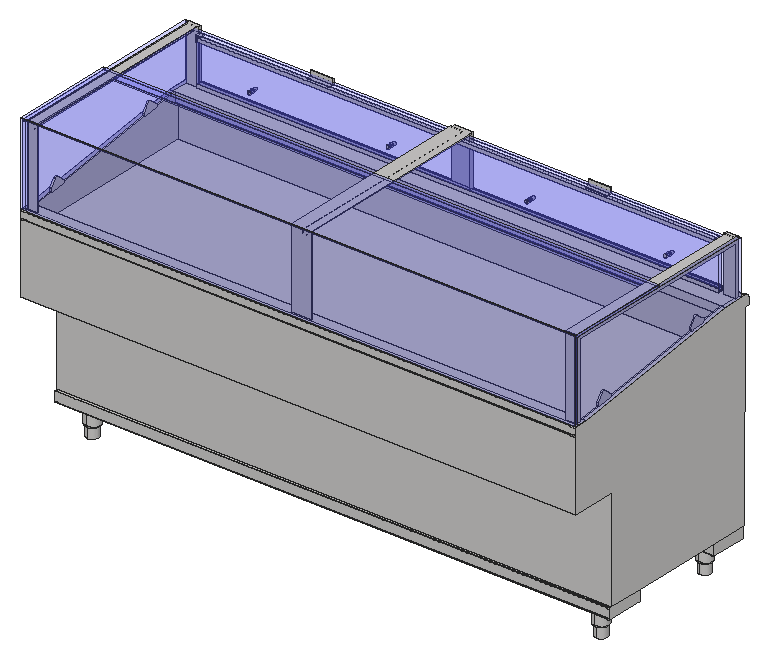
Revit family "Food-Service-Equipment_Oscartek_Rdpc2106_Standard_cat", category Specialty Equipment, Revit 2026 (continued)
Nested families (in)
  nested 1: "QF_Oscartek_RHCBM2000" at (19.37302, -8.33366, -0.60451), Watts <- "Watts", Volts <- "Volts", Phase <- "Phase", Number of Poles <- "Number of Poles", Min Ckt Ampacity <- "Min Ckt Ampacity", Max Overcurrent Protection <- "Max Overcurrent Protection", HP <- "HP", FL Amps <- "FL Amps", Electrical Remarks <- "Electrical Remarks", Electric Connection Type <- "Electric Connection Type", Elec Conn RI Height <- "Elec Conn RI Height", Cycle <- "Cycle", Conn Plug <- "Conn Plug", Conn Conduit <- "Conn Conduit", Apparent Power <- "Apparent Power", type "QF_Oscartek_RHCBM2000"
    with Watts 885 W, Volts 230 V, Type Mark "", Status "", Specification by User "", Revision Code "", Phase 1, Number of Poles 1, Min Ckt Ampacity 0 A, Max Overcurrent Protection 0 A, Item Number "", Installed By "", Identify Quantity as Lot yes, HP "", Furnished By "", Foodservice Equipment Identifier yes, FL Amps 4.5 A, Electrical Remarks "", Electric Connection Type "", Elec Conn RI Height 0", Elec Conn Connection Height 0", Cycle 50 Hz, Conn Plug "", Conn Conduit yes, Apparent Power 1035 VA
Connectors (in)
  electrical at (52.90027, -8.83366, 5.39549), driven by "Volts", driven by "Watts"
    settings: on Extrusion 25, index 1, voltage 230 V, apparent load 885 VA, apparent load phase1 0 VA, apparent load phase2 0 VA, apparent load phase3 0 VA, power factor 1, load classification "Other", number of poles 1, system type 30, power factor state 1, is connector primary yes, connector utility no, sub classification motor no, connector description "Electrical Connection"
  electrical at (19.87302, -8.83366, 5.39549), driven by "Volts", driven by "Watts"
    settings: on nested 1, index 2, voltage 230 V, apparent load 885 VA, apparent load phase1 0 VA, apparent load phase2 0 VA, apparent load phase3 0 VA, power factor 1, load classification "Other", number of poles 1, system type 30, power factor state 1, is connector primary no, connector utility no, sub classification motor no, connector description "Electrical Connection"
  piping at (3.25, -2.70866, 21.25), diameter 1
    settings: on Extrusion 33, index 3, connector inside diameter 1", connector length 0", flow factor 0, pipe flow 0 GPM, pressure drop 0.00 psi, fitting loss kfactor 0, connector angle 0.00°, fixture units 0, engagement length 0", angle of deflection 0.00°, flow configuration 1, flow direction 2, fitting loss method 0, system type 16, joint type 0, gender type 0, connector reference index -1, connector utility 0, adjustable connector no, is connector primary yes, connector description "Drain"
  piping at (75.75, -2.70866, 21.25), diameter 1
    settings: on Extrusion 33, index 4, connector inside diameter 1", connector length 0", flow factor 0, pipe flow 0 GPM, pressure drop 0.00 psi, fitting loss kfactor 0, connector angle 0.00°, fixture units 0, engagement length 0", angle of deflection 0.00°, flow configuration 1, flow direction 2, fitting loss method 0, system type 16, joint type 0, gender type 0, connector reference index -1, connector utility 0, adjustable connector no, is connector primary no, connector description "Drain"
Definition of nested family "QF_Oscartek_RHCBM2000"
  Parameters
    Weight in Pounds = 0
    Watts [instance] = 1680 W
    Volts [instance] = 120 V
    URL Cutsheet = ""
    URL = ""
    Type Mark [instance] = ""
    Status [instance] = ""
    Specification by User [instance] = ""
    Specification by Manufacturer = ""
    Serial Number = ""
    Seismic Rating = ""
    SMACNA No = ""
    Revision Code [instance] = ""
    Phase [instance] = 1
    Omniclass Number and Title = ""
    Number of Poles [instance] = 1
    NAFEM Spec ID Number = ""
    Model = "GEM R3 DP2000"
    Min Ckt Ampacity [instance] = 0 A
    Max Overcurrent Protection [instance] = 0 A
    Masterspec = ""
    Manufacturer = ""
    Item Number [instance] = ""
    Installed By [instance] = ""
    Identify Quantity as Lot [instance] = yes
    HP [instance] = ""
    Furnished By [instance] = ""
    Foodservice Equipment Identifier [instance] = yes
    FL Amps [instance] = 14 A
    Electrical Remarks [instance] = ""
    Electric Connection Type [instance] = ""
    Elec Conn RI Height [instance] = 0"
    Elec Conn Connection Height [instance] = 0"
    Description = ""
    Default Elevation = 0"
    Cycle [instance] = 60 Hz
    Conn Plug [instance] = ""
    Conn Conduit [instance] = yes
    CSI MasterFormat = ""
    CSI Master Format = ""
    Apparent Power [instance] = 1680 VA
  Reference planes (in)
    plane 1 "BACK": y = 0
    plane 2: z = 0
    plane 3 "LEFT": x = 0
    plane 4 "RIGHT": x = 1
    plane 5 "FRONT": y = -1
    plane 6 "TOP": z = 47.25
    plane 7 "Center Y": x = 0.5
    plane 8 "Center X": y = -0.5
    plane 9 "Base Height": z = 6
    plane 10: z = 21.25
  Forms (in)
    Extrusion 1, solid
      sketch origin (19.50198, 0, 0) x (1, 0, 0) y (0, 1, 0)
        loop
          circle (-19.00198, -0.5) r 0.25
      from 6 to 6.60451
  Dimensions and locks (in)
    equal spacing: plane 3 "LEFT", plane 7 "Center Y", plane 4 "RIGHT"
    plane 3 "LEFT" to plane 4 "RIGHT" = 1"
    equal spacing: plane 5 "FRONT", plane 8 "Center X", plane 1 "BACK"
    plane 5 "FRONT" to plane 1 "BACK" = 1"
    plane 6 "TOP" to level = 47 1/4"
    plane 9 "Base Height" to level = 6"
    plane 10 to level = 21 1/4"
    aligned and locked: level to plane 2
  Automatic sketch dimensions
    plane 8 "Center X" to Extrusion 1 sketch curve = 0"
    plane 7 "Center Y" to Extrusion 1 sketch curve = 0"
    radius of Extrusion 1 sketch curve = 1/4"
